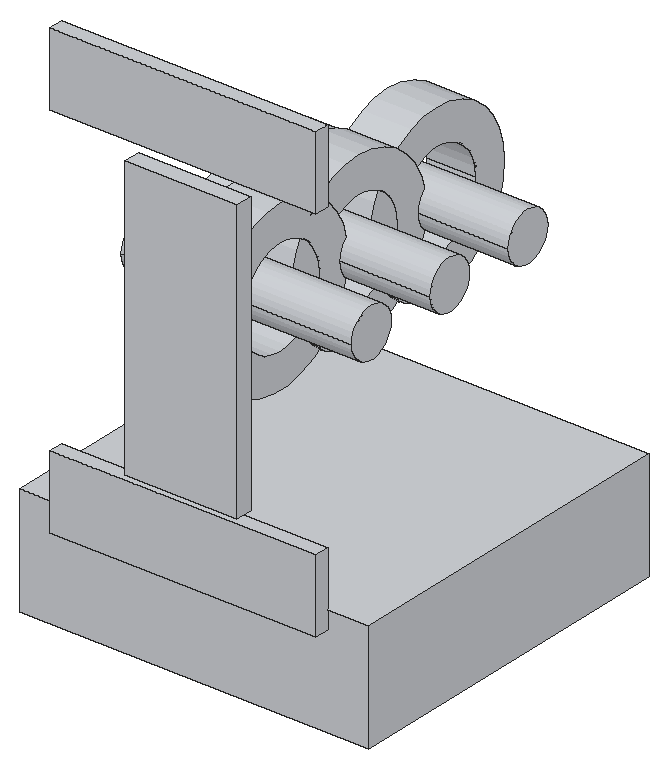
Revit family "GIS_CurrentTransformer", category Equipamento elétrico, Revit 2027
Family settings
  Configuração do painel = Duas colunas, circuitos transversais
  Cota do conector redondo = Utilizar diâmetro
  Tipo de parte = Painel de controle
  Com base no plano de trabalho = Não
  Sempre na vertical = Sim
  Corte com vazios quando carregada = Não
  Manter orientação da anotação = Não
  Compartilhado = Não
  Ponto de cálculo do ambiente = Não
Parameters (values of type "GIS_CT_145KV_STUDY")
  Default Elevation = 0 mm
  built-in parameter 1140142 [instance] = (empty or 0)
  built-in parameter 1140140 [instance] = 1 (stored number, unit not read)
  BIM_TensaoSecundaria_kV = 0
  BIM_TensaoNominal_kV = 138
  BIM_TensaoClasse_kV = 145
  BIM_TensaoClasseSecundaria_kV = 0
  BIM_Sistema_Elemento [instance] = ""
  BIM_ReferenciaCatalogo = "Portfolio estimate; ratio/class pending protection study"
  BIM_Profundidade = 800 mm
  BIM_Potencia_MVA = 0
  BIM_Localizacao [instance] = ""
  BIM_Largura = 800 mm
  BIM_Impedancia_pu = 0
  BIM_FonteGeometria = "Portfolio estimate; ratio/class pending protection study"
  BIM_Fabricante = "NAO SELECIONADO"
  BIM_EstadoGeometria = "ESTIMATED"
  BIM_EstadoEspecificacao = "PREMISSA / NAO SELECIONADO"
  BIM_DescricaoEstudo = "Transformador de corrente GIS; relacao, classe e nucleos nao selecionados."
  BIM_CorrenteReferenciaSecundaria_A = 0
  BIM_CorrenteNominal_A = 0
  BIM_Bay [instance] = ""
  BIM_AlturaCorpoPrincipal = 252 mm
  BIM_Altura = 1400 mm
  built-in parameter 1155100 [instance] = (empty or 0)
Reference planes
  plane 1 "Centro (Frente/Trás)": y = 0
  plane 2: z = 0
  plane 3 "Centro (Esquerda/Direita)": x = 0
  plane 4 "BIM Left": x = -400
  plane 5 "BIM Right": x = 400
  plane 6 "BIM Front": y = -400
  plane 7 "BIM Back": y = 400
Forms (mm)
  Extrusion 1, solid
    sketch origin (0, 0, 0) x (1, 0, 0) y (0, 1, 0)
      loop
        line (-400, -400) -> (400, -400) -> (400, 400) -> (-400, 400) -> (-400, -400)
    from 0 to 252 <- "BIM_AlturaCorpoPrincipal"
  Extrusion 2, solid
    sketch origin (0, 0, 210) x (1, 0, 0) y (0, 1, 0)
      loop
        line (-304, -433.528) -> (304, -433.528) -> (304, -400) -> (-304, -400) -> (-304, -433.528)
    from 0 to 168
  Extrusion 3, solid
    sketch origin (0, 0, 392) x (1, 0, 0) y (0, 1, 0)
      loop
        line (-128, -439.624) -> (128, -439.624) -> (128, -400) -> (-128, -400) -> (-128, -439.624)
    from 0 to 644
  Extrusion 4, solid
    sketch origin (0, 0, 1078) x (1, 0, 0) y (0, 1, 0)
      loop
        line (-304, -433.528) -> (304, -433.528) -> (304, -400) -> (-304, -400) -> (-304, -433.528)
    from 0 to 168
  Extrusion 5, solid
    sketch origin (-56, -224, 728) x (0, 1, 0) y (0, 0, 1)
      loop
        circle (0, 0) r 192
      loop
        circle (0, 0) r 112
    from 0 to 112
  Extrusion 6, solid
    sketch origin (-264, -224, 728) x (0, 1, 0) y (0, 0, 1)
      loop
        circle (0, 0) r 56
    from 0 to 528
  Extrusion 7, solid
    sketch origin (-56, 0, 728) x (0, 1, 0) y (0, 0, 1)
      loop
        circle (0, 0) r 192
      loop
        circle (0, 0) r 112
    from 0 to 112
  Extrusion 8, solid
    sketch origin (-264, 0, 728) x (0, 1, 0) y (0, 0, 1)
      loop
        circle (0, 0) r 56
    from 0 to 528
  Extrusion 9, solid
    sketch origin (-56, 224, 728) x (0, 1, 0) y (0, 0, 1)
      loop
        circle (0, 0) r 192
      loop
        circle (0, 0) r 112
    from 0 to 112
  Extrusion 10, solid
    sketch origin (-264, 224, 728) x (0, 1, 0) y (0, 0, 1)
      loop
        circle (0, 0) r 56
    from 0 to 528
Dimensions and locks
  "BIM_Largura": plane 4 "BIM Left" to plane 5 "BIM Right"
  "BIM_Profundidade": plane 6 "BIM Front" to plane 7 "BIM Back"
  aligned and locked: level to plane 2
  aligned and locked: plane 4 "BIM Left" to Extrusion 1
  aligned and locked: Extrusion 1 to plane 5 "BIM Right"
  aligned and locked: Extrusion 1 to plane 6 "BIM Front"
  aligned and locked: plane 7 "BIM Back" to Extrusion 1
Automatic sketch dimensions
  Extrusion 1 sketch curve to plane 4 "BIM Left" = 0 mm
  Extrusion 1 sketch curve to plane 5 "BIM Right" = 0 mm
  Extrusion 1 sketch curve to plane 6 "BIM Front" = 0 mm
  Extrusion 1 sketch curve to plane 7 "BIM Back" = 0 mm
  Extrusion 2 sketch curve to plane 6 "BIM Front" = 0 mm
  Extrusion 2 sketch curve to plane 6 "BIM Front" = 33.528 mm
  Extrusion 2 sketch curve to plane 4 "BIM Left" = 96 mm
  plane 5 "BIM Right" to Extrusion 2 sketch curve = 96 mm
  Extrusion 3 sketch curve to plane 6 "BIM Front" = 0 mm
  Extrusion 3 sketch curve to plane 6 "BIM Front" = 39.624 mm
  Extrusion 3 sketch curve to plane 3 "Centro (Esquerda/Direita)" = 128 mm
  plane 3 "Centro (Esquerda/Direita)" to Extrusion 3 sketch curve = 128 mm
  Extrusion 4 sketch curve to plane 6 "BIM Front" = 0 mm
  Extrusion 4 sketch curve to plane 6 "BIM Front" = 33.528 mm
  Extrusion 4 sketch curve to plane 4 "BIM Left" = 96 mm
  plane 5 "BIM Right" to Extrusion 4 sketch curve = 96 mm
  Extrusion 5 sketch curve to Extrusion 5 sketch curve = 0 mm  (x12)
  plane 6 "BIM Front" to Extrusion 5 sketch curve = 176 mm
  level to Extrusion 5 sketch curve = 728 mm
  plane 6 "BIM Front" to Extrusion 5 sketch curve = 64 mm
  Extrusion 5 sketch curve to plane 6 "BIM Front" = 16 mm
  Extrusion 6 sketch curve to Extrusion 6 sketch curve = 0 mm  (x2)
  plane 6 "BIM Front" to Extrusion 6 sketch curve = 176 mm
  level to Extrusion 6 sketch curve = 728 mm
  Extrusion 6 sketch curve to Extrusion 6 sketch curve = 56 mm
  Extrusion 7 sketch curve to Extrusion 7 sketch curve = 0 mm  (x12)
  Extrusion 7 sketch curve to plane 1 "Centro (Frente/Trás)" = 0 mm
  level to Extrusion 7 sketch curve = 728 mm
  Extrusion 7 sketch curve to Extrusion 7 sketch curve = 112 mm
  Extrusion 7 sketch curve to Extrusion 7 sketch curve = 80 mm
  Extrusion 8 sketch curve to Extrusion 8 sketch curve = 0 mm  (x2)
  Extrusion 8 sketch curve to plane 1 "Centro (Frente/Trás)" = 0 mm
  level to Extrusion 8 sketch curve = 728 mm
  Extrusion 8 sketch curve to Extrusion 8 sketch curve = 56 mm
  Extrusion 9 sketch curve to Extrusion 9 sketch curve = 0 mm  (x12)
  Extrusion 9 sketch curve to plane 7 "BIM Back" = 176 mm
  level to Extrusion 9 sketch curve = 728 mm
  Extrusion 9 sketch curve to plane 1 "Centro (Frente/Trás)" = 112 mm
  Extrusion 9 sketch curve to plane 1 "Centro (Frente/Trás)" = 32 mm
  Extrusion 10 sketch curve to Extrusion 10 sketch curve = 0 mm  (x2)
  Extrusion 10 sketch curve to plane 7 "BIM Back" = 176 mm
  level to Extrusion 10 sketch curve = 728 mm
  Extrusion 10 sketch curve to Extrusion 10 sketch curve = 56 mm
Connectors
  electrical at (-400, 0, 126)
    settings: on Extrusion 1, index 1, voltage 138000 V, apparent load 0 VA, apparent load phase1 0 VA, apparent load phase2 0 VA, apparent load phase3 0 VA, power factor 1, load classification "Outro", number of poles 3, system type 6, power factor state 1, is connector primary yes, connector utility no, sub classification motor no, connector description "Interface A; study port; circuit assignment is project-specific."
  electrical at (400, 0, 126)
    settings: on Extrusion 1, index 2, voltage 138000 V, apparent load 0 VA, apparent load phase1 0 VA, apparent load phase2 0 VA, apparent load phase3 0 VA, power factor 1, load classification "Outro", number of poles 3, system type 6, power factor state 1, is connector primary no, connector utility no, sub classification motor no, connector description "Interface B; study port; circuit assignment is project-specific."
